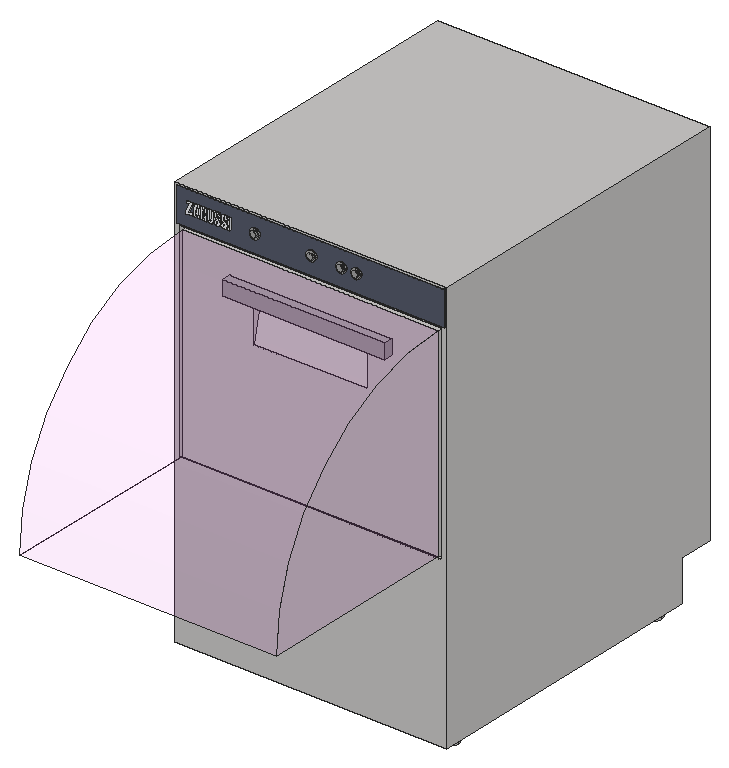
Revit family "QF_ZANUSSI_402293_ZS", category Attrezzature speciali, Revit 2020
Family settings
  Quota connettore circolare = Usa diametro
  Tipo di parte = Normale
  Basato su piano di lavoro = No
  Sempre verticale = Sì
  Taglio con vuoti quando caricato = No
  Condiviso = Sì
  Punto di calcolo locali = No
Parameters (values of type "Standard")
  Weight = 80.4687 lbm
  Watts = 2700 W
  Volts = 220 V
  URL Manufacturer = "http://www.zanussiprofessional.com"
  URL = "http://www.zanussiprofessional.com"
  Steam Supply Size = 0"
  Steam Supply Minimum Pressure = 0.00 psi
  Steam Supply Maximum Pressure = 0.00 psi
  Steam Consumption per Hour = 0
  Show Logo [instance] = yes
  Show Clearance [instance] = yes
  Refrigeration Suction Line Size = 0 mm
  Refrigeration Liquid Line Size = 0 mm
  Refrigerant Compressor Remote = yes
  Prospetto di default = 0 mm
  Produttore = "Zanussi"
  Phase = 1
  Modello = "ZS"
  Length Actual = 455 mm  # constant formula
  Item Number = "402293"
  Hot Water Size = 0"
  Height Actual = 700 mm  # constant formula
  HP = "3.6 HP"
  Gas Size = 0"
  Gas KW = 0
  Gas Input Pressure = 0.0 Btu/h
  Direct Waste Size = 1.14173"
  Descrizione = "GLASSWASHER(S) SINGLE SKIN, 30B/H"
  Depth Actual = 550 mm  # constant formula
  Cycle = 50 Hz
  Condensate Return Size = 0"
  Compressed Air Volume = 0 GPM
  Compressed Air Size = 0"
  Compressed Air Pressure = 0.00 psi
  Cold Water Size = 3/4"
  Accessory = yes
Reference planes
  plane 1 "BACK": y = 0
  plane 2: z = 0
  plane 3 "LEFT": x = 0
  plane 4 "RIGHT": x = 455
  plane 5 "FRONT": y = -550
  plane 6 "TOP": z = 700
  plane 7: z = 80
Forms (mm)
  Extrusion 1, solid, material "QF_Finishes_Stainless Steel"
    sketch origin (572.404, -56, 162.714) x (1, 0, 0) y (0, 0, 1)
      loop
        line (-392.404, -132.714) -> (-392.404, -152.714) -> (-372.404, -152.714) -> (-372.404, -132.714) -> (-392.404, -132.714)
    from 0 to 2
  Extrusion 2, solid, material "QF_Finishes_Stainless Steel"
    sketch origin (492.814, -53, 212.692) x (1, 0, 0) y (0, 0, 1)
      loop
        circle (-372.814, -140.692) r 8
    from 0 to 5
  Extrusion 3, solid, material "QF_Finishes_Stainless Steel"
    sketch origin (0, 0, 0) x (0, 1, 0) y (0, 0, 1)
      loop
        line (0, 700) -> (-550, 700) -> (-550, 10) -> (-58, 10) -> (-58, 80) -> (0, 80) -> (0, 700)
    from 0 to 455
  Extrusion 4, void
    sketch origin (0, 0, 0) x (0, 1, 0) y (0, 0, 1)
      loop
        line (-520, 637) -> (-550, 637) -> (-550, 290) -> (-520, 290) -> (-520, 637)
    from 7.744 to 447.027
  Extrusion 5, solid, material "QF_Finishes_Stainless Steel"
    sketch origin (0, 0, 0) x (0, 1, 0) y (0, 0, 1)
      loop
        line (-525, 632) -> (-550, 632) -> (-550, 292) -> (-525, 292) -> (-525, 632)
    from 12.721 to 442.431
  Extrusion 6, void
    sketch origin (-10.963, 0, 0) x (0, 1, 0) y (0, 0, 1)
      loop
        line (-550, 567) -> (-550, 502) -> (-535, 567) -> (-550, 567)
    from 143.538 to 333.389
  Extrusion 7, solid, material "QF_Finishes_Gray"
    sketch origin (92.495, 0, 0) x (0, 1, 0) y (0, 0, 1)
      loop
        line (-550, 567) -> (-550, 592) -> (-565, 592) -> (-565, 567) -> (-550, 567)
    from 0 to 270.01
  Extrusion 8, solid, material "QF_Finishes_Navy Blue"
    sketch origin (0, 0, 0) x (0, 1, 0) y (0, 0, 1)
      loop
        line (-550, 640) -> (-550, 697) -> (-550.8, 697) -> (-550.8, 640) -> (-550, 640)
    from 3.223 to 451.973
  Revolve 9, solid, material "QF_Finishes_Door Clearance", visible <- "Show Clearance"
    sketch origin (0, -550, 0) x (1, 0, 0) y (0, 0, 1)
      loop
        line (12.721, 632) -> (12.721, 292) -> (442.431, 292) -> (442.431, 632) -> (12.721, 632)
      axis (442.431, 292) -> (12.721, 292)
    angle from 0 to -90
  Extrusion 10, solid, material "QF_Finishes_Stainless Steel"
    sketch origin (603.814, -53, 212.692) x (1, 0, 0) y (0, 0, 1)
      loop
        circle (-372.814, -140.692) r 8
    from 0 to 5
Cuts and joins
  Extrusion 4, Extrusion 6 cuts Extrusion 3
  Extrusion 6 cuts Extrusion 5
Dimensions and locks
  plane 1 "BACK" to plane 5 "FRONT" = 550 mm
  plane 4 "RIGHT" to plane 3 "LEFT" = 455 mm
  plane 6 "TOP" to level = 700 mm
  plane 3 "LEFT" to plane 4 "RIGHT" = 455 mm
  plane 5 "FRONT" to plane 1 "BACK" = 550 mm
  plane 6 "TOP" to plane 2 = 700 mm
  plane 7 to plane 2 = 80 mm
  cut or joined group of Extrusion 3, Extrusion 4, Extrusion 6 to Revolve 9 = 890 mm
  aligned and locked: level to plane 2
Nested families
  nested 1: "Piedino 10x12.5 mm - DISHWASHING" at (435.5, -517, 0), type "Piedino 10x12.5 mm - DISHWASHING"
  nested 2: "Piedino 10x12.5 mm - DISHWASHING" at (19.5, -517, 0) x (-1, 0, 0) z (0, 0, 1), type "Piedino 10x12.5 mm - DISHWASHING"
  nested 3: "Piedino 10x12.5 mm - DISHWASHING" at (435.5, -91, 0), type "Piedino 10x12.5 mm - DISHWASHING"
  nested 4: "Piedino 10x12.5 mm - DISHWASHING" at (19.5, -91, 0) x (-1, 0, 0) z (0, 0, 1), type "Piedino 10x12.5 mm - DISHWASHING"
  nested 5: "ZANUSSI_Logo - WHITE" at (62.415, -550.8, 719) x (1, 0, 0) z (0, -1, 0), Show Logo <- "Show Logo", visible <- "Show Logo", type "ZANUSSI_Logo - WHITE"
    with Show Logo yes
  nested 6: "Bottone grigio DISHWASHING" at (135, -550.8, 670) x (1, 0, 0) z (0, -1, 0), type "Bottone grigio DISHWASHING"
  nested 7: "Bottone grigio DISHWASHING" at (230, -550.8, 670) x (1, 0, 0) z (0, -1, 0), type "Bottone grigio DISHWASHING"
  nested 8: "Bottone grigio DISHWASHING" at (280, -550.8, 670) x (1, 0, 0) z (0, -1, 0), type "Bottone grigio DISHWASHING"
  nested 9: "Bottone grigio DISHWASHING" at (305, -550.8, 670) x (1, 0, 0) z (0, -1, 0), type "Bottone grigio DISHWASHING"
Connectors
  electrical at (190, -56, 20)
    settings: on Extrusion 1, index 3, voltage 0 V, apparent load 0 VA, apparent load phase1 0 VA, apparent load phase2 0 VA, apparent load phase3 0 VA, power factor 1, load classification "Altro", number of poles 1, system type 30, power factor state 1, is connector primary yes, connector utility no, sub classification motor no, connector description "EI"
  piping at (120, -53, 72), diameter 12.7
    settings: on Extrusion 2, index 4, connector inside diameter 24", connector length 0 mm, flow factor 0, pipe flow 0 GPM, pressure drop 0.00 psi, fitting loss kfactor 0, connector angle 0.00°, fixture units 0, engagement length 0 mm, angle of deflection 0.00°, flow configuration 0, flow direction 0, fitting loss method 0, system type 29, joint type 0, gender type 0, connector reference index -1, connector utility 0, adjustable connector no, is connector primary yes, connector description "WI"
  piping at (231, -53, 72), diameter 12.7
    settings: on Extrusion 10, index 5, connector inside diameter 24", connector length 0 mm, flow factor 0, pipe flow 0 GPM, pressure drop 0.00 psi, fitting loss kfactor 0, connector angle 0.00°, fixture units 0, engagement length 0 mm, angle of deflection 0.00°, flow configuration 0, flow direction 0, fitting loss method 0, system type 29, joint type 0, gender type 0, connector reference index -1, connector utility 0, adjustable connector no, is connector primary no, connector description "D"
Definition of nested family "Piedino 10x12.5 mm - DISHWASHING"
  Parameters (values of type "Piedino 10x12.5 mm - DISHWASHING")
    Default Elevation = 0 mm
    P = 930 mm
    L = 400 mm
    H = 290 mm
  Reference planes
    plane 1: y = 0
    plane 2: z = 0
    plane 3: x = 0
    plane 4: z = 290
    plane 5: z = 24
    plane 6: z = 55
  Forms (mm)
    Extrusion 1, solid
      sketch origin (-373.847, 979.72, 0) x (1, 0, 0) y (0, 1, 0)
        loop
          circle (373.847, -979.72) r 12.5
      from 0 to 10
  Dimensions and locks
    "H": plane 4 to level
    plane 4 to plane 5 to level = 266 mm, 24 mm
    level to plane 6 = 55 mm
    aligned and locked: level to plane 2
  Automatic sketch dimensions
    plane 3 to Extrusion 1 sketch curve = 0 mm
    plane 1 to Extrusion 1 sketch curve = 0 mm
    radius of Extrusion 1 sketch curve = 12.5 mm
Definition of nested family "ZANUSSI_Logo - WHITE"
  Parameters (values of type "ZANUSSI_Logo - WHITE")
    Show Logo [instance] = yes
    Default Elevation = 1219.2 mm
  Reference planes
    plane 1 "Center (Front/Back)": y = -49
    plane 2: z = 0
    plane 3 "Center (Left/Right)": x = -9.92
  Forms (mm)
    Extrusion 1, solid
      sketch origin (0, 0, 0) x (1, 0, 0) y (0, 1, 0)
        loop
          line (-1219.2, 1219.2) -> (-1219.2, -1219.2) -> (1219.2, -1219.2) -> (1219.2, 1219.2) -> (-1219.2, 1219.2)
      from 0 to -304.8
    Extrusion 2, solid, visible <- "Show Logo"
      sketch origin (106.353, -215.165, -50) x (1, 0, 0) y (0, 1, 0)
        loop
          line (-137.419, 156.48) -> (-137.419, 160.444) -> (-143.365, 160.444) -> (-137.419, 172.566) -> (-137.419, 175.851) -> (-147.274, 175.851) -> (-147.274, 172.226) -> (-142.063, 172.339) -> (-147.728, 160.444) -> (-147.728, 156.48) -> (-137.419, 156.48)
        loop
          line (-131.729, 163.73) -> (-129.463, 163.73) -> (-130.596, 172.54) -> (-131.729, 163.73)
        loop
          line (-132.748, 156.48) -> (-132.182, 160.218) -> (-128.897, 160.218) -> (-128.33, 156.48) -> (-124.252, 156.48) -> (-127.877, 175.851) -> (-133.315, 175.851) -> (-136.826, 156.48) -> (-132.748, 156.48)
        loop
          line (-123.75, 175.851) -> (-123.75, 156.48) -> (-120.238, 156.48) -> (-120.238, 169.281) -> (-116.953, 156.48) -> (-112.648, 156.48) -> (-112.648, 175.851) -> (-116.273, 175.851) -> (-116.273, 163.503) -> (-119.558, 175.851) -> (-123.75, 175.851)
        loop
          arc (-111.742, 161.27) -> (-106.896, 156.448) -> (-101.433, 160.558) r 5.22
          line (-101.433, 160.558) -> (-101.433, 175.851) -> (-105.398, 175.851) -> (-105.398, 161.464)
          arc (-105.398, 161.464) -> (-106.44, 160.263) -> (-107.777, 161.124) r 1.214
          line (-107.777, 161.124) -> (-107.777, 175.851) -> (-111.742, 175.851) -> (-111.742, 161.27)
        loop
          line (-94.069, 169.734) -> (-90.331, 169.734) -> (-90.269, 171.495)
          arc (-90.269, 171.495) -> (-90.53, 173.458) -> (-91.761, 175.009) r 3.719
          arc (-91.761, 175.009) -> (-95.38, 176.189) -> (-98.998, 175.009) r 6.139
          arc (-98.998, 175.009) -> (-100.474, 172.145) -> (-100.291, 168.927) r 6.125
          arc (-100.291, 168.927) -> (-99.079, 167.149) -> (-97.591, 165.594) r 13.068
          line (-97.591, 165.594) -> (-95.921, 164.113)
          arc (-95.921, 164.113) -> (-94.934, 163.275) -> (-94.167, 162.233) r 5.571
          arc (-94.167, 162.233) -> (-94.357, 160.41) -> (-96.143, 160.003) r 1.573
          arc (-96.143, 160.003) -> (-96.681, 160.547) -> (-96.911, 161.277) r 1.631
          arc (-96.911, 161.277) -> (-96.929, 161.791) -> (-96.911, 162.305) r 7.441
          arc (-96.911, 162.305) -> (-96.895, 162.791) -> (-96.911, 163.277) r 7.03
          line (-96.911, 163.277) -> (-100.866, 163.277)
          arc (-100.866, 163.277) -> (-100.828, 160.504) -> (-99.735, 157.955) r 7.131
          arc (-99.735, 157.955) -> (-94.571, 156.484) -> (-90.221, 159.633) r 6.148
          arc (-90.221, 159.633) -> (-90.141, 162.884) -> (-91.536, 165.823) r 7.021
          line (-91.536, 165.823) -> (-95.882, 169.734)
          arc (-95.882, 169.734) -> (-96.47, 170.472) -> (-96.785, 171.362) r 2.858
          arc (-96.785, 171.362) -> (-95.666, 172.959) -> (-94.069, 171.84) r 1.379
          line (-94.069, 171.84) -> (-94.069, 169.734)
        loop
          line (-82.771, 169.734) -> (-79.033, 169.734) -> (-78.971, 171.495)
          arc (-78.971, 171.495) -> (-79.232, 173.458) -> (-80.463, 175.009) r 3.719
          arc (-80.463, 175.009) -> (-84.081, 176.189) -> (-87.7, 175.009) r 6.139
          arc (-87.7, 175.009) -> (-89.175, 172.145) -> (-88.993, 168.927) r 6.125
          arc (-88.993, 168.927) -> (-87.781, 167.149) -> (-86.293, 165.594) r 13.068
          line (-86.293, 165.594) -> (-84.623, 164.113)
          arc (-84.623, 164.113) -> (-83.636, 163.275) -> (-82.869, 162.233) r 5.571
          arc (-82.869, 162.233) -> (-83.059, 160.41) -> (-84.845, 160.003) r 1.573
          arc (-84.845, 160.003) -> (-85.383, 160.547) -> (-85.613, 161.277) r 1.631
          arc (-85.613, 161.277) -> (-85.631, 161.791) -> (-85.613, 162.305) r 7.441
          arc (-85.613, 162.305) -> (-85.596, 162.791) -> (-85.613, 163.277) r 7.03
          line (-85.613, 163.277) -> (-89.568, 163.277)
          arc (-89.568, 163.277) -> (-89.53, 160.504) -> (-88.437, 157.955) r 7.131
          arc (-88.437, 157.955) -> (-83.272, 156.484) -> (-78.922, 159.633) r 6.148
          arc (-78.922, 159.633) -> (-78.843, 162.884) -> (-80.238, 165.823) r 7.021
          line (-80.238, 165.823) -> (-84.584, 169.734)
          arc (-84.584, 169.734) -> (-85.171, 170.472) -> (-85.486, 171.362) r 2.858
          arc (-85.486, 171.362) -> (-84.368, 172.959) -> (-82.771, 171.84) r 1.379
          line (-82.771, 171.84) -> (-82.771, 169.734)
        loop
          line (-78.21, 175.851) -> (-78.21, 156.48) -> (-74.245, 156.48) -> (-74.245, 175.851) -> (-78.21, 175.851)
      from 50 to 51.6
  Dimensions and locks
    aligned and locked: plane 2 to Extrusion 1
    aligned and locked: level to Extrusion 1
Definition of nested family "Bottone grigio DISHWASHING"
  Parameters (values of type "Bottone grigio DISHWASHING")
    Default Elevation = 1219.2 mm
  Reference planes
    plane 1 "Centro (Fronte/Retro)": y = 0
    plane 2: z = 0
    plane 3 "Centro (Sinistra/Destra)": x = 0
  Forms (mm)
    Extrusion 1, solid
      sketch origin (0, 0, 0) x (1, 0, 0) y (0, 1, 0)
        loop
          line (-1219.2, 1219.2) -> (-1219.2, -1219.2) -> (1219.2, -1219.2) -> (1219.2, 1219.2) -> (-1219.2, 1219.2)
      from 0 to -304.8
    Extrusion 2, solid
      sketch origin (0, 0, 0) x (1, 0, 0) y (0, 1, 0)
        loop
          circle (0, 0) r 8
        loop
          circle (0, 0) r 5
      from 0 to 2
    Extrusion 3, solid
      sketch origin (0, 0, 0) x (1, 0, 0) y (0, 1, 0)
        loop
          circle (0, 0) r 4.9
      from 0 to 4
  Dimensions and locks
    aligned and locked: plane 2 to Extrusion 1
    aligned and locked: level to Extrusion 1
